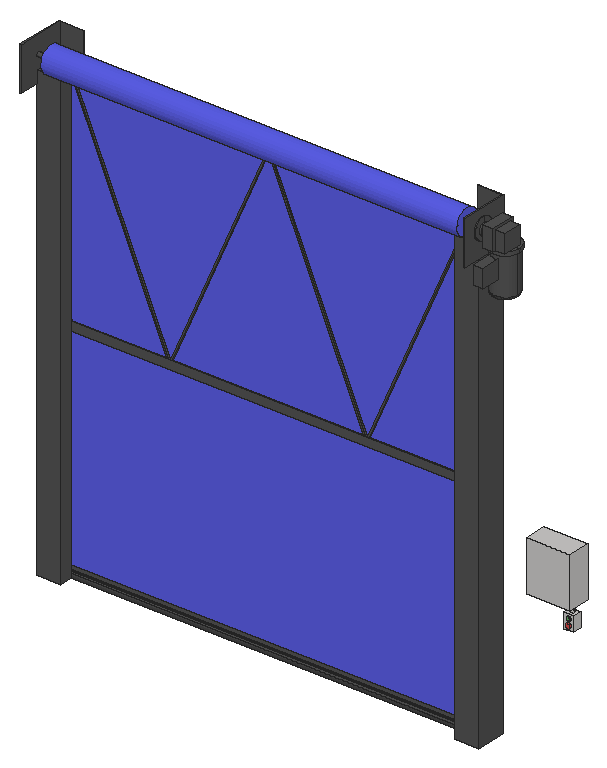
Revit family "Door_Rollup_SuperSeal_8500Diamond", category Doors, host Wall, Revit 2011
Parameters (values of type "ByType")
  Wind Load = ""
  Wind Bar [instance] = yes
  Water Penetration = ""
  Vision Panel Sill [instance] = 4' - 0"
  Vision Panel Material = Fabric - Vinyl - Super Seal - Transparent
  Vision Panel Height [instance] = 2' - 0"
  Vision Panel [instance] = no
  Sound Transmission Class (STC) = 0
  RO Offset = 0' - 0 1/2"
  Panel Material = Fabric - Vinyl - Super Seal - Blue
  Max Door Width = 16' - 0"
  Max Door Height = 18' - 0"
  Manufacturer Phone = "800-337-3239 "
  Manual Crank = no
  Function = Interior
  Frame Thickness = 0' - 8"
  Frame Finish = Metal - Steel - Super Seal - Painted - Black
  Electric Motor = ""
  Control Box Offset [instance] = 2' - 0"
  Control Box Material = Metal - Stainless Steel - Super Seal - Brushed
  Control Box Height [instance] = 4' - 0"
  Building Code Conformance = ""
  Air Infiltration = ""
  ASTM Conformance = ""
  Warranty Duration (Years) = 0
  URL = "http://www.supersealmfg.com/"
  Thickness = 0' - 0"
  Test Data = ""
  Specification = ""
  SpecWizard = ""
  Send Message = "http://www.arcat.com/users.pl?action=UserEmail&company=Super-Seal%20Mfg.%20Ltd&coid=44693&rep=119&fax=905-850-4440 &mf="
  Sales Information = "http://www.supersealmfg.com/ContactUs.htm"
  Rough Width = (Width + (RO Offset * 2))  # 9' - 1"
  Rough Height = (Height + (RO Offset))  # 9' - 3"
  R_Value = 0
  Product Properties = ""
  Product Data = "http://arcat.com/arcatcos/cos44/arc44693.html?isac=1&r=1"
  Manufacturer Website = "http://www.supersealmfg.com/"
  Manufacturer Phone - Toll Free = "800-337-3239 "
  Manufacturer Fax = "905-850-4440 "
  Manufacturer Address = "670 Rowntree Dairy Rd. Woodbridge , ON, Canada L4L-5T8"
  Maintenance Schedule (Months) = 0
  Installation-Fabrication = ""
  Installation Phase = ""
  Green Building-LEED = ""
  Model = "As Specified"
  Manufacturer = "Super-Seal Mfg. Ltd"
  Keynote = "08300"
  Height = 9' - 2 1/2"
  Wall Closure = By host
  Width = 9' - 0"
  Fire Rating = "As Specified"
  Expected Lifespan (Years) = 0
  Drawn By = "Sumex Design, Inc. / Robert S. Weygant, CSI, CDT, SCIP"
  Description = "Super Seal "
  Copyright = "©Arcat Inc."
  Construction Details = "http://arcat.com/details/supersea/supersea.html?coid=44693"
  Building Codes = ""
  Assembly Code = ""
  ADA Compliant = yes
  AAMA Designation = ""
Reference planes (in)
  plane 1 "Center (Front/Back)": y = -33.96225
  plane 2 "Center (Left/Right)": x = 64.28704
  plane 3: z = 0
  plane 4 "Right": x = 118.28704
  plane 5 "Left": x = 10.28704
  plane 6 "Closure": y = -35.96225
  plane 7: z = 0
  plane 8 "Top of Frame": z = 110.5
  plane 9 "RO Top": z = 111
  plane 10 "RO Right": x = 118.78704
  plane 11 "RO Left": x = 9.78704
  plane 12 "Frame Int": y = -43.96225
  plane 13: x = 142.28704
  plane 14: z = 48
Lines and regions (in)
  Opening 1
    outline origin (-109.33485, -35.96225, 0) x (1, 0, 0) y (0, 0, 1)
      loop
        line (119.12189, 0) -> (228.12189, 0) -> (228.12189, 111) -> (119.12189, 111) -> (119.12189, 0)
Text (in)
  text "Exterior" at (36.47868, -4.19089, 0), in view "A101 - Plan View"
  text "Interior" at (36.47868, -56.64559, 0), in view "A101 - Plan View"
  text "Exterior" at (0, -17.98638, 123.01588), in view "Right"
  text "Interior" at (0, -64.39139, 123.01588), in view "Right"
  text "Interior" at (0, -52.09468, 121.14095), in view "Left"
  text "Exterior" at (0, 26.35325, 123.00693), in view "Left"
Dimensions and locks (in)
  equal spacing: plane 4 "Right", plane 2 "Center (Left/Right)", plane 5 "Left"
  "Width": plane 5 "Left" to plane 4 "Right"
  "Height": level to plane 8 "Top of Frame"
  "RO Offset": plane 5 "Left" to plane 11 "RO Left"
  "RO Offset": plane 10 "RO Right" to plane 4 "Right"
  "RO Offset": plane 9 "RO Top" to plane 8 "Top of Frame"
  "Frame Thickness": plane 12 "Frame Int" to host wall
  "Control Box Height": plane 14 to level
  "Control Box Offset": plane 4 "Right" to plane 13
  aligned and locked: host wall to plane 1 "Center (Front/Back)"
  aligned and locked: host wall to plane 6 "Closure"
  aligned and locked: Opening 1 sketch curve to level
  aligned and locked: plane 10 "RO Right" to Opening 1 sketch curve
  aligned and locked: Opening 1 sketch curve to plane 9 "RO Top"
  aligned and locked: plane 11 "RO Left" to Opening 1 sketch curve
  aligned and locked: plane 2 "Center (Left/Right)" to nested 1
  aligned and locked: host wall to nested 1
  aligned and locked: plane 2 "Center (Left/Right)" to nested 2
  aligned and locked: host wall to nested 2
  aligned and locked: nested 3 to plane 13
  aligned and locked: nested 3 to plane 14
Nested families (in)
  nested 1: "Frame_8500Diamond" at (64.28704, -35.96225, 0), Material <- "Frame Finish", Opening Width <- "Width", Opening Height <- "Height", Manual Crank <- "Manual Crank", type "Frame_8500Diamond"
    with offset 0' - 0", Opening Width 9' - 0", Opening Height 9' - 2 1/2", Material Metal - Steel - Super Seal - Painted - Black, Manual Crank no, Unit Depth 1' - 1 1/2"
  nested 2: "Door_8500Diamond" at (64.28704, -35.96225, 0), Opening Width <- "Width", Opening Height <- "Height", Material <- "Panel Material", Wind Bar <- "Wind Bar", Vision Panel <- "Vision Panel", Vision Panel Material <- "Vision Panel Material", Vision Panel Sill <- "Vision Panel Sill", Vision Panel Height <- "Vision Panel Height", type "Door_8500Diamond"
    with offset 0' - 0", Wind Bar yes, Void Dist 0' - 1", Vision Panel Sill 4' - 0", Vision Panel Material Fabric - Vinyl - Super Seal - Transparent, Vision Panel Height 2' - 0", Vision Panel no, Opening Width 9' - 0", Opening Height 9' - 2 1/2", Material Fabric - Vinyl - Super Seal - Blue, Unit Width 2' - 8"
  nested 3: "Control Box_8500" at (142.28704, -35.96225, 48) x (1, 0, 0) z (0, -1, 0), Material <- "Control Box Material", type "Control Box_8500"
    with offset 0' - 0", Material Metal - Stainless Steel - Super Seal - Brushed
Definition of nested family "Frame_8500Diamond"
  Parameters
    offset [instance] = 0' - 0"
    Warranty Duration (Years) = 0
    Unit Width = 2' - 8"
    Unit Height = 2' - 8"
    Unit Depth = 0' - 11"
    URL = "http://www.supersealmfg.com/"
    Specification = ""
    SpecWizard = ""
    Send Message = "http://www.arcat.com/users.pl?action=UserEmail&company=Super-Seal%20Mfg.%20Ltd&coid=44693&rep=119&fax=905-850-4440 &mf="
    Sales Information = "http://www.supersealmfg.com/ContactUs.htm"
    Revision = "R1_07-2011"
    Product Properties = ""
    Product Data = "http://arcat.com/arcatcos/cos44/arc44693.html?isac=1&r=1"
    Opening Width [instance] = 6' - 0"
    Opening Height [instance] = 8' - 0"
    Model = "As Specified"
    Material [instance] = none
    Manufacturer Website = "http://www.supersealmfg.com/"
    Manufacturer Phone - Toll Free = "800-337-3239 "
    Manufacturer Phone = "800-337-3239 "
    Manufacturer Fax = "905-850-4440 "
    Manufacturer Address = "670 Rowntree Dairy Rd. Woodbridge , ON, Canada L4L-5T8"
    Manufacturer = "Super-Seal Mfg. Ltd"
    Manual Crank [instance] = no
    Maintenance Schedule (Months) = 0
    Keynote = ""
    Installation-Fabrication = ""
    Installation Phase = ""
    Green Building-LEED = ""
    Expected Lifespan (Years) = 0
    Drawn By = "Sumex Design, Inc. / Robert S. Weygant, CSI, CDT, SCIP"
    Description = "Super Seal"
    Copyright = "©Arcat Inc."
    Construction Details = "http://arcat.com/details/supersea/supersea.html?coid=44693"
    Assembly Code = ""
  Reference planes (in)
    plane 1 "Center (Front/Back)": y = 0
    plane 2 "Bottom": z = 0
    plane 3 "Center (Left/Right)": x = 0
    plane 4 "Front": y = -11
    plane 5 "Left": x = -36
    plane 6 "Right": x = 36
    plane 7 "Top": z = 96
    plane 8: x = -42.625
    plane 9: x = 42.625
    plane 10: y = -8
    plane 11: x = -45
    plane 12: x = 53
    plane 13: z = 118
    plane 14 "Axle Plane": y = -7.5
    plane 15: y = -5
    plane 16: x = 47.43125
  Forms (in)
    Extrusion 1, solid, material <- "Material"
      sketch origin (0, 0, 0) x (1, 0, 0) y (0, 1, 0)
        loop
          line (-42.625, 0) -> (-42.625, -8) -> (-36, -8) -> (-36, -4.5) -> (-39, -4.5) -> (-39, -3.5) -> (-36, -3.5) -> (-36, 0) -> (-42.625, 0)
        loop
          line (42.625, 0) -> (36, 0) -> (36, -3.5) -> (39, -3.5) -> (39, -4.5) -> (36, -4.5) -> (36, -8) -> (42.625, -8) -> (42.625, 0)
      from 0 to 109.5
    Extrusion 2, solid, material <- "Material"
      sketch origin (-58.67198, -180, 118) x (-1, 0, 0) y (0, -1, 0)
        loop
          line (-22.67198, -180) -> (-15.67198, -180) -> (-15.67198, -169.325) -> (-16.04698, -169.325) -> (-16.04698, -179.875) -> (-22.67198, -179.875) -> (-22.67198, -180)
        loop
          line (-94.67198, -180) -> (-94.67198, -179.875) -> (-101.29698, -179.875) -> (-101.29698, -169.27155) -> (-101.67198, -169.27155) -> (-101.67198, -180) -> (-94.67198, -180)
      from 0 to -12
    Revolve 3, solid, material <- "Material"
      sketch origin (0, -7.5, -0.003) x (-1, 0, 0) y (0, 0, 1)
        loop
          line (45, 113.253) -> (45, 113.84355) -> (44.429, 113.84355) -> (44.429, 114.0555) -> (44.099, 114.0555) -> (44.099, 114.881) -> (43.381, 114.881) -> (43.381, 116.148) -> (43, 116.148) -> (43, 113.84355) -> (-43, 113.84355) -> (-43, 116.148) -> (-43.506, 116.148) -> (-43.506, 114.881) -> (-44.224, 114.881) -> (-44.224, 114.0555) -> (-44.554, 114.0555) -> (-44.554, 113.84355) -> (-48.3375, 113.84355) -> (-48.3375, 115.56557) -> (-48.8375, 115.56557) -> (-48.8375, 113.253) -> (45, 113.253)
        axis (45, 113.253) -> (-48.8375, 113.253)
      angle from 0 to 360
    Extrusion 4, solid, material <- "Material"
      sketch origin (0, -7.5, -0.003) x (-1, 0, 0) y (0, 0, 1)
        loop
          line (-45.4, 116.06557) -> (-48.3375, 116.06557) -> (-48.3375, 110.44057) -> (-45.4, 110.44057) -> (-45.4, 116.06557)
      from -2.8125 to 4
    Extrusion 5, solid, material <- "Material"
      sketch origin (0, -7.5, -0.003) x (-1, 0, 0) y (0, 0, 1)
        loop
          line (-48.8375, 115.75294) -> (-51.275, 115.75294) -> (-51.275, 110.75294) -> (-48.8375, 110.75294) -> (-48.8375, 115.75294)
      from -2.5 to 2.5
    Revolve 6, solid, material <- "Material"
      sketch origin (0, -5, 121.36458) x (0, 0, 1) y (-1, 0, 0)
        loop
          line (-12.42701, -43.93125) -> (-22.92701, -43.93125)
          arc (-22.92701, -43.93125) -> (-23.28056, -44.0777) -> (-23.42701, -44.43125) r 0.5
          line (-23.42701, -44.43125) -> (-23.42701, -47.43125) -> (-10.92701, -47.43125) -> (-10.92701, -45.68125) -> (-11.05201, -45.68125) -> (-11.42701, -43.49375) -> (-12.42701, -43.49375) -> (-12.42701, -43.93125)
        axis (-23.42701, -47.43125) -> (-10.92701, -47.43125)
      angle from 0 to 360
    Extrusion 7, solid, material <- "Material"
      sketch origin (-11.94222, -11, 51.2496) x (-1, 0, 0) y (0, 0, 1)
        loop
          line (-57.49847, 56.44057) -> (-60.12347, 56.44057) -> (-60.12347, 51.44057) -> (-57.49847, 51.44057) -> (-57.49847, 56.44057)
      from 0 to 6
    Sweep 8, solid, material <- "Material", visible <- "Manual Crank"
      path origin (47.43125, -180, 103.4349) x (0, 0, -1) y (0, -1, 0)
        loop
          line (5.5, -175) -> (14.25736, -175)
          arc (14.25736, -175) -> (15.40541, -174.77164) -> (16.37868, -174.12132) r 3
          line (16.37868, -174.12132) -> (18.51041, -171.98959)
          arc (18.51041, -171.98959) -> (19.48368, -171.33927) -> (20.63173, -171.11091) r 3
          line (20.63173, -171.11091) -> (22.88909, -171.11091)
      profile origin (47.43125, -5, 93.55622) x (-1, 0, 0) y (0, -1, 0)
        loop
          circle (0, 0) r 0.25
  Cuts and joins
    joined: Extrusion 1, Extrusion 2
    joined: Revolve 6, Extrusion 7
  Dimensions and locks (in)
    equal spacing: plane 5 "Left", plane 3 "Center (Left/Right)", plane 6 "Right"
    "Opening Width": plane 5 "Left" to plane 6 "Right"
    "Unit Depth": plane 1 "Center (Front/Back)" to plane 4 "Front"
    "Opening Height": plane 7 "Top" to level
    locked: plane 6 "Right" to plane 9 at 6.625
    locked: plane 8 to plane 5 "Left" at 6.625
    locked: plane 10 to plane 1 "Center (Front/Back)" at 8
    locked: plane 6 "Right" to plane 12 at 17
    locked: plane 11 to plane 5 "Left" at 9
    locked: plane 13 to plane 7 "Top" at 22
    locked: plane 13 to Extrusion 1 at 8.5
    plane 14 "Axle Plane" to plane 1 "Center (Front/Back)" = 0' - 7 1/2"
    locked: plane 1 "Center (Front/Back)" to plane 15 at 5
    locked: plane 16 to plane 9 at 4.80625
    locked: plane 1 "Center (Front/Back)" to plane 14 "Axle Plane" at 7.5
    aligned and locked: Extrusion 7 to plane 15
  Automatic sketch dimensions
    Extrusion 2 sketch curve to plane 1 "Center (Front/Back)" = 0' - 0"  (x2)
    Extrusion 2 sketch curve to plane 9 = 0' - 0"
    Extrusion 2 sketch curve to plane 6 "Right" = 0' - 0"
    Extrusion 2 sketch curve to plane 5 "Left" = 0' - 0"
    Extrusion 2 sketch curve to plane 8 = 0' - 0"
    plane 9 to Extrusion 2 sketch curve = 0' - 0 3/8"
    Extrusion 2 sketch curve to plane 8 = 0' - 0 3/8"
    plane 1 "Center (Front/Back)" to Extrusion 2 sketch curve = 0' - 0 1/8"  (x2)
    plane 4 "Front" to Extrusion 2 sketch curve = 0' - 0.27155"
    plane 4 "Front" to Extrusion 2 sketch curve = 0' - 0.325"
    Revolve 3 sketch curve to plane 11 = 0' - 0"
    plane 11 to Revolve 3 sketch curve = 0' - 0.571"
    Revolve 3 sketch curve to Revolve 3 sketch curve = 0' - 0.33"  (x2)
    Revolve 3 sketch curve to Revolve 3 sketch curve = 0' - 0.718"  (x2)
    Revolve 3 sketch curve to plane 8 = 0' - 0 3/8"
    plane 9 to Revolve 3 sketch curve = 0' - 0 3/8"
    Revolve 3 sketch curve to Revolve 3 sketch curve = 0' - 0.506"
    Revolve 3 sketch curve to plane 13 = 0' - 4 3/4"
    plane 12 to Revolve 3 sketch curve = 1' - 1 1/4"
    Revolve 3 sketch curve to Revolve 3 sketch curve = 0' - 0 1/4"
    Revolve 3 sketch curve to Revolve 3 sketch curve = 0' - 0.59055"  (x2)
    Revolve 3 sketch curve to Revolve 3 sketch curve = 0' - 0"
    Revolve 3 sketch curve to Revolve 3 sketch curve = 0' - 0.21195"  (x2)
    Revolve 3 sketch curve to Revolve 3 sketch curve = 0' - 0.8255"  (x2)
    Revolve 3 sketch curve to plane 13 = 0' - 2.43743"
    Revolve 3 sketch curve to Revolve 3 sketch curve = 0' - 1.267"  (x2)
    Revolve 3 sketch curve to Revolve 3 sketch curve = 0' - 0 1/2"
    Revolve 3 sketch curve to Revolve 3 sketch curve = 0' - 1.72201"
    Revolve 3 sketch curve to plane 12 = 0' - 4.1625"
    Extrusion 4 sketch curve to plane 13 = 0' - 1.93743"
    Extrusion 4 sketch curve to plane 12 = 0' - 4.6625"
    plane 9 to Extrusion 4 sketch curve = 0' - 2.775"
    Extrusion 4 sketch curve to Extrusion 4 sketch curve = 0' - 5 5/8"
    Extrusion 5 sketch curve to plane 12 = 0' - 1.725"
    Extrusion 5 sketch curve to Extrusion 5 sketch curve = 0' - 2 7/16"
    Extrusion 5 sketch curve to plane 13 = 0' - 7.25006"
    Extrusion 5 sketch curve to plane 13 = 0' - 2.25006"
    plane 7 "Top" to Revolve 6 sketch curve = 0' - 1.68757"
    plane 7 "Top" to Revolve 6 sketch curve = 0' - 1.93757"
    Revolve 6 sketch curve to Revolve 6 sketch curve = 0' - 0 1/2"
    plane 9 to Revolve 6 sketch curve = 0' - 0.86875"
    plane 7 "Top" to Revolve 6 sketch curve = 1' - 0.93757"
    Revolve 6 sketch curve to Revolve 6 sketch curve = 0' - 1"
    Revolve 6 sketch curve to Revolve 6 sketch curve = 0' - 0 3/8"
    Revolve 6 sketch curve to Revolve 6 sketch curve = 0' - 0 1/8"
    plane 13 to Revolve 6 sketch curve = 0' - 5.43757"
    Revolve 6 sketch curve to Revolve 6 sketch curve = 0' - 0 7/16"
    Revolve 6 sketch curve to Revolve 6 sketch curve = 0' - 2 3/16"
    plane 9 to Revolve 6 sketch curve = 0' - 4.80625"
    Revolve 6 sketch curve to Revolve 6 sketch curve = 0' - 1 3/4"
    Extrusion 7 sketch curve to plane 12 = 0' - 4.81875"
    plane 9 to Extrusion 7 sketch curve = 0' - 2.93125"
    plane 7 "Top" to Extrusion 7 sketch curve = 0' - 6.69017"
    Extrusion 7 sketch curve to Extrusion 7 sketch curve = 0' - 5"
    Sweep 8 sketch curve to plane 15 = 0' - 0"
    plane 7 "Top" to Sweep 8 sketch curve = 0' - 1.9349"
    Sweep 8 sketch curve to Sweep 8 sketch curve = 0' - 8.75736"
    plane 15 to Sweep 8 sketch curve = 0' - 0.87868"
    Sweep 8 sketch curve to Sweep 8 sketch curve = 0' - 2.12132"  (x2)
    plane 4 "Front" to Sweep 8 sketch curve = 0' - 2.98959"
    Sweep 8 sketch curve to Sweep 8 sketch curve = 0' - 2.13173"
    plane 15 to Sweep 8 sketch curve = 0' - 0.88909"
    Sweep 8 sketch curve to Sweep 8 sketch curve = 0' - 2.25736"
    Sweep 8 sketch curve to plane 16 = 0' - 0"
    Sweep 8 sketch curve to profile plane = 0' - 0"
    Extrusion 1 sketch curve to plane 8 = 0' - 0"
    Extrusion 1 sketch curve to plane 5 "Left" = 0' - 0"  (x2)
    Extrusion 1 sketch curve to plane 6 "Right" = 0' - 0"  (x2)
    Extrusion 1 sketch curve to plane 1 "Center (Front/Back)" = 0' - 0"  (x2)
    Extrusion 1 sketch curve to plane 9 = 0' - 0"
    Extrusion 1 sketch curve to plane 10 = 0' - 0"  (x2)
    Extrusion 1 sketch curve to plane 15 = 0' - 0 1/2"  (x2)
    Extrusion 1 sketch curve to plane 5 "Left" = 0' - 3"
    Extrusion 1 sketch curve to Extrusion 1 sketch curve = 0' - 3"
    Extrusion 1 sketch curve to Extrusion 1 sketch curve = 0' - 1"  (x2)
    radius of Sweep 8 sketch curve = 0' - 0 1/4"
Definition of nested family "Door_8500Diamond"
  Parameters
    offset [instance] = 0' - 0"
    Wind Bar [instance] = yes
    Warranty Duration (Years) = 0
    Void Dist [instance] = if(Vision Panel, 0' 4", 0' 1")  # 0' - 1"
    Vision Panel Sill [instance] = 4' - 0"
    Vision Panel Material [instance] = none
    Vision Panel Height [instance] = 2' - 0"
    Vision Panel [instance] = no
    Unit Width = 4' - 0"
    Unit Height = 2' - 8"
    Unit Depth = 1' - 1 1/2"
    URL = "http://www.supersealmfg.com/"
    Specification = ""
    SpecWizard = ""
    Send Message = "http://www.arcat.com/users.pl?action=UserEmail&company=Super-Seal%20Mfg.%20Ltd&coid=44693&rep=119&fax=905-850-4440 &mf="
    Sales Information = "http://www.supersealmfg.com/ContactUs.htm"
    Revision = "R1_07-2011"
    Product Properties = ""
    Product Data = "http://arcat.com/arcatcos/cos44/arc44693.html?isac=1&r=1"
    Opening Width [instance] = 6' - 0"
    Opening Height [instance] = 8' - 0"
    Model = "As Specified"
    Material [instance] = none
    Manufacturer Website = "http://www.supersealmfg.com/"
    Manufacturer Phone - Toll Free = "800-337-3239 "
    Manufacturer Phone = "800-337-3239 "
    Manufacturer Fax = "905-850-4440 "
    Manufacturer Address = "670 Rowntree Dairy Rd. Woodbridge , ON, Canada L4L-5T8"
    Manufacturer = "Super-Seal Mfg. Ltd"
    Maintenance Schedule (Months) = 0
    Keynote = ""
    Installation-Fabrication = ""
    Installation Phase = ""
    Green Building-LEED = ""
    Expected Lifespan (Years) = 0
    Drawn By = "Sumex Design, Inc. / Robert S. Weygant, CSI, CDT, SCIP"
    Description = "Super Seal"
    Copyright = "©Arcat Inc."
    Construction Details = "http://arcat.com/details/supersea/supersea.html?coid=44693"
    Assembly Code = ""
  Reference planes (in)
    plane 1 "Center (Front/Back)": y = 0
    plane 2 "Bottom": z = 0
    plane 3 "Center (Left/Right)": x = 0
    plane 4 "Left": x = -36
    plane 5 "Right": x = 36
    plane 6 "Top": z = 96
    plane 7: z = 118
    plane 8 "Axle Plane": y = -7.5
    plane 9: y = -4
    plane 10: z = 113.253
    plane 11: z = 54.75
    plane 12: x = -39
    plane 13: x = 39
    plane 14: z = 109.5
    plane 15: x = -18
    plane 16: x = 18
    plane 17: z = 48
    plane 18: z = 72
  Forms (in)
    Extrusion 1, solid, material <- "Material"
      sketch origin (-39, 8.35727, 48) x (0, 1, 0) y (0, 0, 1)
        loop
          arc (-12.35727, 65.253) -> (-19.32588, 65.72071) -> (-12.48227, 64.32598) r 3.5
          line (-12.48227, 64.32598) -> (-12.48227, -45) -> (-12.35727, -45) -> (-12.35727, 65.253)
      from 0 to 78
    Extrusion 2, solid, material "Metal - Steel - Super Seal - Painted - Black"
      sketch origin (-39, 8.35727, 48) x (0, 1, 0) y (0, 0, 1)
        loop
          arc (-12.21791, -48) -> (-12.04074, -47.45957) -> (-12.00256, -46.89212) r 2.2843
          arc (-12.00256, -46.89212) -> (-12.05299, -46.65791) -> (-12.17223, -46.45011) r 0.77874
          arc (-12.17223, -46.45011) -> (-12.24036, -46.30946) -> (-12.24075, -46.15318) r 0.35132
          line (-12.24075, -46.15318) -> (-11.99075, -46.15318) -> (-11.99075, -45.97807) -> (-12.25214, -45.97807) -> (-12.25214, -45) -> (-12.5874, -45) -> (-12.5874, -45.97807) -> (-12.84879, -45.97807) -> (-12.84879, -46.15318) -> (-12.59879, -46.15318)
          arc (-12.59879, -46.15318) -> (-12.59918, -46.30946) -> (-12.66732, -46.45011) r 0.35132
          arc (-12.66732, -46.45011) -> (-12.78656, -46.65791) -> (-12.83698, -46.89212) r 0.77874
          arc (-12.83698, -46.89212) -> (-12.79881, -47.45957) -> (-12.62163, -48) r 2.2843
          line (-12.62163, -48) -> (-12.21791, -48)
      from 0 to 78
    Extrusion 3, solid, material "Metal - Steel - Super Seal - Painted - Black", visible <- "Wind Bar"
      sketch origin (-36, 16.34522, 48) x (0, 1, 0) y (0, 0, 1)
        loop
          line (-20.47022, 7.875) -> (-20.97022, 7.875) -> (-20.97022, 5.625) -> (-20.47022, 5.625) -> (-20.47022, 7.875)
      from 0 to 72
    Sweep 4, solid, material "Metal - Steel - Super Seal - Painted - Black", visible <- "Wind Bar"
      path origin (-36, -4, 48) x (-1, 0, 0) y (0, 0, 1)
        loop
          line (0, 61.5) -> (-18, 6.75) -> (-36, 61.5) -> (-54, 6.75) -> (-72, 61.5)
      profile origin (-27, -4, 82.125) x (-0.949977, 0, -0.312321) y (0, 1, 0)
        loop
          line (0.25, -0.375) -> (0.25, -0.25) -> (-0.25, -0.25) -> (-0.25, -0.375) -> (0.25, -0.375)
    Extrusion 5, void
      sketch origin (-48.01566, -7.5, 48) x (1, 0, 0) y (0, 0, 1)
        loop
          line (84.01566, 0) -> (84.01566, 24) -> (12.01566, 24) -> (12.01566, 0) -> (84.01566, 0)
      from 0 to -1
    Extrusion 6, solid, material <- "Vision Panel Material", visible <- "Vision Panel"
      sketch origin (-36, -4, 48) x (-1, 0, 0) y (0, 0, 1)
        loop
          line (0, 24) -> (-72, 24) -> (-72, 0) -> (0, 0) -> (0, 24)
      from 0 to -0.125
  Cuts and joins
    joined: Extrusion 3, Sweep 4
    Extrusion 5 cuts Extrusion 1
  Dimensions and locks (in)
    equal spacing: plane 4 "Left", plane 3 "Center (Left/Right)", plane 5 "Right"
    "Opening Width": plane 4 "Left" to plane 5 "Right"
    "Opening Height": plane 6 "Top" to level
    locked: plane 7 to plane 6 "Top" at 22
    plane 8 "Axle Plane" to plane 1 "Center (Front/Back)" = 0' - 7 1/2"
    plane 1 "Center (Front/Back)" to plane 9 = 0' - 4"
    locked: plane 7 to plane 10 at 4.747
    locked: plane 5 "Right" to plane 13 at 3
    locked: plane 12 to plane 4 "Left" at 3
    locked: plane 14 to plane 6 "Top" at 13.5
    plane 1 "Center (Front/Back)" to plane 8 "Axle Plane" = 0' - 7 1/2"
    equal spacing: plane 14, plane 11, level
    equal spacing: plane 5 "Right", plane 16, plane 3 "Center (Left/Right)"
    equal spacing: plane 3 "Center (Left/Right)", plane 15, plane 4 "Left"
    "Vision Panel Sill": plane 17 to level
    "Vision Panel Height": plane 18 to plane 17
    "Void Dist": Extrusion 5 to plane 8 "Axle Plane"
    aligned and locked: plane 13 to Extrusion 1
    aligned and locked: plane 13 to Extrusion 2
    aligned and locked: plane 5 "Right" to Extrusion 3
  Automatic sketch dimensions
    Extrusion 1 sketch curve to plane 8 "Axle Plane" = 0' - 0"
    Extrusion 1 sketch curve to plane 9 = 0' - 0"
    Extrusion 1 sketch curve to plane 10 = 0' - 0"
    Extrusion 1 sketch curve to Extrusion 1 sketch curve = 0' - 0 1/8"
    level to Extrusion 1 sketch curve = 0' - 3"
    Extrusion 3 sketch curve to plane 9 = 0' - 0 5/8"
    Extrusion 3 sketch curve to plane 9 = 0' - 0 1/8"
    Extrusion 3 sketch curve to plane 11 = 0' - 1 1/8"
    plane 11 to Extrusion 3 sketch curve = 0' - 1 1/8"
    Sweep 4 sketch curve to plane 5 "Right" = 0' - 0"
    Sweep 4 sketch curve to plane 11 = 0' - 0"  (x2)
    Sweep 4 sketch curve to plane 16 = 0' - 0"
    Sweep 4 sketch curve to plane 3 "Center (Left/Right)" = 0' - 0"
    Sweep 4 sketch curve to plane 15 = 0' - 0"
    Sweep 4 sketch curve to plane 4 "Left" = 0' - 0"
    Sweep 4 sketch curve to plane 14 = 0' - 0"  (x3)
    profile plane to Sweep 4 sketch curve = 0' - 0 1/4"
    Sweep 4 sketch curve to plane 9 = 0' - 0 1/4"
    Sweep 4 sketch curve to profile plane = 0' - 0 1/4"
    Sweep 4 sketch curve to Sweep 4 sketch curve = 0' - 0 1/8"
    Extrusion 2 sketch curve to level = 0' - 0"
    plane 8 "Axle Plane" to Extrusion 2 sketch curve = 0' - 1 147/256"
    Extrusion 2 sketch curve to plane 9 = 0' - 0.58424"
    Extrusion 2 sketch curve to Extrusion 2 sketch curve = 0' - 0.09272"  (x2)
    Extrusion 2 sketch curve to plane 9 = 0' - 0.47971"
    Extrusion 2 sketch curve to Extrusion 2 sketch curve = 0' - 0"  (x4)
    Extrusion 2 sketch curve to Extrusion 2 sketch curve = 0' - 0.05697"  (x2)
    Extrusion 2 sketch curve to plane 9 = 0' - 0.31004"
    Extrusion 2 sketch curve to plane 9 = 0' - 0.26436"
    Extrusion 2 sketch curve to plane 9 = 0' - 0.24152"
    Extrusion 2 sketch curve to Extrusion 2 sketch curve = 0' - 0.01139"
    plane 9 to Extrusion 2 sketch curve = 0' - 0.10513"
    plane 9 to Extrusion 2 sketch curve = 0' - 0.11652"
    plane 9 to Extrusion 2 sketch curve = 0' - 0.13936"
    plane 9 to Extrusion 2 sketch curve = 0' - 0.18504"
    plane 9 to Extrusion 2 sketch curve = 0' - 0.29774"
    Extrusion 2 sketch curve to Extrusion 2 sketch curve = 0' - 0.26139"
    level to Extrusion 2 sketch curve = 0' - 0.97629"  (x2)
    Extrusion 2 sketch curve to Extrusion 2 sketch curve = 0' - 1.44608"
    Extrusion 2 sketch curve to Extrusion 2 sketch curve = 0' - 0.17511"  (x2)
    Extrusion 2 sketch curve to Extrusion 2 sketch curve = 0' - 0.97807"
    Extrusion 5 sketch curve to plane 4 "Left" = 0' - 0"
    Extrusion 5 sketch curve to plane 5 "Right" = 0' - 0"
    Extrusion 5 sketch curve to plane 17 = 0' - 0"
    Extrusion 5 sketch curve to plane 18 = 0' - 0"
    Extrusion 6 sketch curve to plane 5 "Right" = 0' - 0"
    Extrusion 6 sketch curve to plane 4 "Left" = 0' - 0"
    Extrusion 6 sketch curve to plane 17 = 0' - 0"
    Extrusion 6 sketch curve to plane 18 = 0' - 0"
Definition of nested family "Control Box_8500"
  Parameters
    offset [instance] = 0' - 0"
    Warranty Duration (Years) = 0
    Unit Width = 0' - 11 7/8"
    Unit Height = 1' - 1 3/4"
    Unit Depth = 0' - 6"
    URL = "http://www.supersealmfg.com/"
    Specification = ""
    SpecWizard = ""
    Send Message = "http://www.arcat.com/users.pl?action=UserEmail&company=Super-Seal%20Mfg.%20Ltd&coid=44693&rep=119&fax=905-850-4440 &mf="
    Sales Information = "http://www.supersealmfg.com/ContactUs.htm"
    Revision = "R1_07-2011"
    Product Properties = ""
    Product Data = "http://arcat.com/arcatcos/cos44/arc44693.html?isac=1&r=1"
    Model = "As Specified"
    Material [instance] = none
    Manufacturer Website = "http://www.supersealmfg.com/"
    Manufacturer Phone - Toll Free = "800-337-3239 "
    Manufacturer Phone = "800-337-3239 "
    Manufacturer Fax = "905-850-4440 "
    Manufacturer Address = "670 Rowntree Dairy Rd. Woodbridge , ON, Canada L4L-5T8"
    Manufacturer = "Super-Seal Mfg. Ltd"
    Maintenance Schedule (Months) = 0
    Keynote = ""
    Installation-Fabrication = ""
    Installation Phase = ""
    Green Building-LEED = ""
    Expected Lifespan (Years) = 0
    Drawn By = "Sumex Design, Inc. / Robert S. Weygant, CSI, CDT, SCIP"
    Description = "Super Seal"
    Default Elevation = 4' - 0"
    Copyright = "©Arcat Inc."
    Construction Details = "http://arcat.com/details/supersea/supersea.html?coid=44693"
    Assembly Code = ""
  Reference planes (in)
    plane 1 "Center (Front/Back)": y = 0
    plane 2 "Bottom": z = 0
    plane 3 "Center (Left/Right)": x = 0
    plane 4 "Front": y = -6.875
    plane 5 "Back": y = 6.875
    plane 6 "Left": x = -5.9375
    plane 7 "Right": x = 5.9375
    plane 8 "Top": z = 6
  Forms (in)
    Extrusion 1, solid, material <- "Material"
      sketch origin (0, 0, 0) x (1, 0, 0) y (0, 1, 0)
        loop
          line (-5.9375, 6.875) -> (-5.9375, -6.875) -> (5.9375, -6.875) -> (5.9375, 6.875) -> (-5.9375, 6.875)
      from 0 to 6
    Extrusion 2, solid, material "Plastic - Super Seal - Green", detail levels medium+fine
      sketch origin (0, 0, 2.5) x (1, 0, 0) y (0, 1, 0)
        loop
          circle (2.80585, -11.46354) r 0.4625
      from 0 to 0.25
    Extrusion 3, solid, material "Plastic - Super Seal - Green", detail levels medium+fine
      sketch origin (0, 0, 2.5) x (1, 0, 0) y (0, 1, 0)
        loop
          circle (2.80585, -11.46354) r 0.5625
      from 0 to 0.125
    Extrusion 4, solid, material "Plastic - Super Seal - Red", detail levels medium+fine
      sketch origin (0, 0, 2.5) x (1, 0, 0) y (0, 1, 0)
        loop
          circle (2.80585, -13.18897) r 0.625
      from 0 to 0.25
    Extrusion 5, solid, material <- "Material"
      sketch origin (0, 0, 0) x (1, 0, 0) y (0, 1, 0)
        loop
          line (1.49335, -10.3752) -> (1.49335, -14.3752) -> (4.11835, -14.3752) -> (4.11835, -10.3752) -> (1.49335, -10.3752)
      from 0 to 2.5
    Revolve 6, solid, material <- "Material"
      sketch origin (0, 0, 1) x (1, 0, 0) y (0, 1, 0)
        loop
          line (2.80585, -6.875) -> (2.80585, -10.3752) -> (3.21391, -10.3752) -> (3.21391, -9.80062) -> (3.03346, -9.80062) -> (3.03346, -6.875) -> (2.80585, -6.875)
        axis (2.80585, -6.875) -> (2.80585, -10.3752)
      angle from 0 to 360
  Cuts and joins
    joined: Extrusion 2, Extrusion 3
  Lines and regions (in)
    model lines, style "Controls", detail levels medium+fine
      curve 1: line (-1.03868, 5.47859, 6) -> (3.63585, 5.47859, 6)
      curve 2: line (-1.03868, 3.662, 6) -> (-1.03868, 5.47859, 6)
      curve 3: line (3.63585, 3.662, 6) -> (-1.03868, 3.662, 6)
      curve 4: line (3.63585, 5.47859, 6) -> (3.63585, 3.662, 6)
      curve 5: line (4.05557, 3.19495, 6) -> (5.10244, 3.19495, 6)
      curve 6: line (4.05557, 0.25488, 6) -> (4.05557, 3.19495, 6)
      curve 7: line (5.10244, 0.25488, 6) -> (4.05557, 0.25488, 6)
      curve 8: line (5.10244, 3.19495, 6) -> (5.10244, 0.25488, 6)
    model lines, style "Controls", detail levels fine
      curve 9: circle (4.59444, 2.80986, 6) r 0.27052 normal (0, 0, 1)
      curve 10: circle (4.59444, 1.72855, 6) r 0.27052 normal (0, 0, 1)
      curve 11: circle (4.59444, 0.64723, 6) r 0.27052 normal (0, 0, 1)
  Dimensions and locks (in)
    equal spacing: plane 6 "Left", plane 3 "Center (Left/Right)", plane 7 "Right"
    "Unit Width": plane 6 "Left" to plane 7 "Right"
    equal spacing: plane 5 "Back", plane 1 "Center (Front/Back)", plane 4 "Front"
    "Unit Height": plane 5 "Back" to plane 4 "Front"
    "Unit Depth": plane 8 "Top" to level
    aligned and locked: plane 8 "Top" to Extrusion 1
  Automatic sketch dimensions
    Extrusion 1 sketch curve to plane 4 "Front" = 0' - 0"
    Extrusion 1 sketch curve to plane 6 "Left" = 0' - 0"
    Extrusion 1 sketch curve to plane 7 "Right" = 0' - 0"
    Extrusion 1 sketch curve to plane 5 "Back" = 0' - 0"
    curve 7 to plane 1 "Center (Front/Back)" = 0' - 0.25488"
    curve 7 to plane 7 "Right" = 0' - 0.83506"
    curve 5 to curve 9 = 0' - 0.50801"
    curve 10 to curve 9 = 0' - 0"
    curve 7 to curve 11 = 0' - 0.50801"
    curve 9 to curve 5 = 0' - 0.53887"
    curve 4 to plane 7 "Right" = 0' - 2.30165"
    curve 2 to plane 3 "Center (Left/Right)" = 0' - 1.03868"
    curve 11 to curve 7 = 0' - 0.39235"
    curve 10 to curve 11 = 0' - 1.08131"
    curve 9 to curve 10 = 0' - 1.08131"
    curve 6 to curve 9 = 0' - 0.38509"
    curve 2 to plane 5 "Back" = 0' - 3.213"
    curve 1 to plane 5 "Back" = 0' - 1.39641"
    plane 3 "Center (Left/Right)" to Extrusion 5 sketch curve = 0' - 1.49335"
    Extrusion 5 sketch curve to plane 7 "Right" = 0' - 1.81915"
    Extrusion 5 sketch curve to plane 4 "Front" = 0' - 7.5002"
    Extrusion 5 sketch curve to plane 4 "Front" = 0' - 3.5002"
    Extrusion 2 sketch curve to Extrusion 5 = 0' - 1 5/16"
    Extrusion 2 sketch curve to Extrusion 5 = 0' - 1.08834"
    Extrusion 3 sketch curve to Extrusion 5 = 0' - 1 5/16"
    Extrusion 3 sketch curve to Extrusion 5 = 0' - 1.08834"
    Extrusion 4 sketch curve to Extrusion 5 = 0' - 1 5/16"
    Extrusion 4 sketch curve to Extrusion 5 = 0' - 1.18623"
    Revolve 6 sketch curve to plane 4 "Front" = 0' - 0"
    plane 3 "Center (Left/Right)" to Revolve 6 sketch curve = 0' - 2.80585"
    Revolve 6 sketch curve to Revolve 6 sketch curve = 0' - 0"
    Revolve 6 sketch curve to Revolve 6 sketch curve = 0' - 0.22761"
    Revolve 6 sketch curve to Revolve 6 sketch curve = 0' - 0.40807"
    Revolve 6 sketch curve to plane 4 "Front" = 0' - 2.92562"
    Revolve 6 sketch curve to Revolve 6 sketch curve = 0' - 0.57458"
    Revolve 6 sketch curve to Revolve 6 sketch curve = 0' - 0.4226"
    Revolve 6 sketch curve to Revolve 6 sketch curve = 0' - 0 1/4"
    radius of curve 9 = 0' - 0.27052"
    radius of curve 10 = 0' - 0.27052"
    radius of curve 11 = 0' - 0.27052"
    radius of Extrusion 2 sketch curve = 0' - 0.4625"
    radius of Extrusion 3 sketch curve = 0' - 0 9/16"
    radius of Extrusion 4 sketch curve = 0' - 0 5/8"
